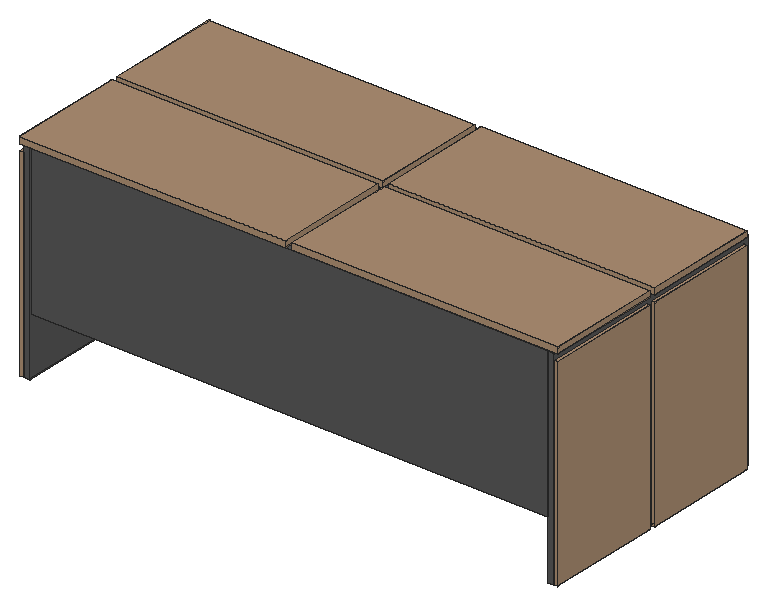
Revit family "Sanitary_Compound-Units_hansgrohe_54305XXX-Xilesa-E-Vanity-unit_1375-550_4-drawers_wash-bowl-countertop-basin", category Furniture, host Face, Revit 2022
Family settings
  Host = Face
  OmniClass Number = 23.21.19.15.33.13
  OmniClass Title = Residential Bathroom Specialty Casework
  Cut with Voids When Loaded = No
  Render Appearance Source = Family Geometry
  Shared = No
  Room Calculation Point = No
Parameters (values of type "550 Cashmere Oak")
  Version = 1  # constant formula
  URL = "https://www.hansgrohe.com/"
  Product data url = "https://www.bimobject.com/en/hansgrohe/product/54305XXX"
  Product Page URL = "https://www.hansgrohe.com/articledetail--54305550"
  Model = "54305XXX"  # constant formula
  Material 3 = Hansgrohe - Metal - Black
  Material 2 = Hansgrohe - MDF - Matt Black
  Material 1 = Hansgrohe - MDF - 550 Cashmere Oak
  Manufacturer = "Hansgrohe"  # constant formula
  Height = 0 mm
  Description = "Xilesa E Vanity unit 1375/550 with 4 drawers for consoles for wash bowl/countertop basin ground"  # constant formula
  Default Elevation = 0 mm
  Date Updated = ""
  Date Created = "2024/02/03"  # constant formula
Types (5, lengths in mm): name | Material 1
  (no name) | Hansgrohe - MDF - 550 Cashmere Oak
  550 Cashmere Oak | Hansgrohe - MDF - 550 Cashmere Oak
  700 Matt White | Hansgrohe - MDF - 700 Matt White
  760 Slate Matt Grey | Hansgrohe - MDF - 760 Slate Matt Grey
  780 Sand Matt Beige | Hansgrohe - MDF - 780 Sand Matt Beige
Reference planes
  plane 1 "Center (Front/Back)": y = 0
  plane 2: z = 0
  plane 3 "Center (Left/Right)": x = 0
  plane 4: x = -687.5
  plane 5: x = 687.5
  plane 6: y = -620
  plane 7: z = 548
Dimensions and locks
  aligned and locked: plane 2 to host face
  aligned and locked: level to host face
Nested families
  nested 1: "54305XXX" at (0, -620, 0) x (1, 0, 0) z (0, 1, 0), Material 1 <- "Material 1", Material 2 <- "Material 2", Material 3 <- "Material 3", type "54305XXX"
    with Material 3 Hansgrohe - Metal - Black, Material 2 Hansgrohe - MDF - Matt Black, Material 1 Hansgrohe - MDF - 550 Cashmere Oak
Definition of nested family "54305XXX"
  Parameters (values of type "54305XXX")
    Version = 1  # constant formula
    URL = "https://www.hansgrohe.com/"
    Product data url = "https://www.bimobject.com/en/hansgrohe/product/54305XXX"
    Product Page URL = "https://www.hansgrohe.com/articledetail--54305550"
    Model = "54305XXX"  # constant formula
    Material 3 [instance] = none
    Material 2 [instance] = none
    Material 1 [instance] = none
    Manufacturer = "Hansgrohe"  # constant formula
    Description = "Xilesa E Vanity unit 1375/550 with 4 drawers for consoles for wash bowl/countertop basin ground"  # constant formula
    Default Elevation = 1219.2 mm
    Date Updated = ""
    Date Created = "2024/12/16"  # constant formula
  Reference planes
    plane 1 "Center (Front/Back)": y = 0
    plane 2: z = 0
    plane 3 "Center (Left/Right)": x = 0
  Forms (mm)
    Extrusion 1, solid, material <- "Material 1", detail levels medium+fine
      sketch origin (0, 0, 0) x (1, 0, 0) y (0, 1, 0)
        loop
          line (-678.1, 0) -> (-686.7, 0)
          arc (-686.7, 0) -> (-687.266, -0.234) -> (-687.5, -0.8) r 0.8
          line (-687.5, -0.8) -> (-687.5, -513.9)
          arc (-687.5, -513.9) -> (-687.266, -514.466) -> (-686.7, -514.7) r 0.8
          line (-686.7, -514.7) -> (-678.1, -514.7)
          arc (-678.1, -514.7) -> (-677.534, -514.466) -> (-677.3, -513.9) r 0.8
          line (-677.3, -513.9) -> (-677.3, -0.8)
          arc (-677.3, -0.8) -> (-677.534, -0.234) -> (-678.1, 0) r 0.8
        loop
          arc (678.1, 0) -> (677.534, -0.234) -> (677.3, -0.8) r 0.8
          line (677.3, -0.8) -> (677.3, -513.9)
          arc (677.3, -513.9) -> (677.534, -514.466) -> (678.1, -514.7) r 0.8
          line (678.1, -514.7) -> (686.7, -514.7)
          arc (686.7, -514.7) -> (687.266, -514.466) -> (687.5, -513.9) r 0.8
          line (687.5, -513.9) -> (687.5, -0.8)
          arc (687.5, -0.8) -> (687.266, -0.234) -> (686.7, 0) r 0.8
          line (686.7, 0) -> (678.1, 0)
      from 0 to 295
    Extrusion 2, solid, material <- "Material 1", detail levels medium+fine
      sketch origin (0, -170, 0) x (1, 0, 0) y (0, 1, 0)
        loop
          line (-686.7, -378) -> (-8.3, -378)
          arc (-8.3, -378) -> (-7.734, -377.766) -> (-7.5, -377.2) r 0.8
          line (-7.5, -377.2) -> (-7.5, -362.5)
          arc (-7.5, -362.5) -> (-7.734, -361.934) -> (-8.3, -361.7) r 0.8
          line (-8.3, -361.7) -> (-686.7, -361.7)
          arc (-686.7, -361.7) -> (-687.266, -361.934) -> (-687.5, -362.5) r 0.8
          line (-687.5, -362.5) -> (-687.5, -377.2)
          arc (-687.5, -377.2) -> (-687.266, -377.766) -> (-686.7, -378) r 0.8
        loop
          arc (686.7, -378) -> (687.266, -377.766) -> (687.5, -377.2) r 0.8
          line (687.5, -377.2) -> (687.5, -362.5)
          arc (687.5, -362.5) -> (687.266, -361.934) -> (686.7, -361.7) r 0.8
          line (686.7, -361.7) -> (8.3, -361.7)
          arc (8.3, -361.7) -> (7.734, -361.934) -> (7.5, -362.5) r 0.8
          line (7.5, -362.5) -> (7.5, -377.2)
          arc (7.5, -377.2) -> (7.734, -377.766) -> (8.3, -378) r 0.8
          line (8.3, -378) -> (686.7, -378)
      from 0 to 295
    Extrusion 3, solid, material <- "Material 2", detail levels medium+fine
      sketch origin (0, 0, 0) x (1, 0, 0) y (0, 1, 0)
        loop
          line (-677.3, -0.8) -> (-677.3, -528.9)
          arc (-677.3, -528.9) -> (-677.066, -529.466) -> (-676.5, -529.7) r 0.8
          line (-676.5, -529.7) -> (-662.1, -529.7)
          arc (-662.1, -529.7) -> (-661.534, -529.466) -> (-661.3, -528.9) r 0.8
          line (-661.3, -528.9) -> (-661.3, -0.8)
          arc (-661.3, -0.8) -> (-661.534, -0.234) -> (-662.1, 0) r 0.8
          line (-662.1, 0) -> (-676.5, 0)
          arc (-676.5, 0) -> (-677.066, -0.234) -> (-677.3, -0.8) r 0.8
        loop
          arc (-17.7, -0.8) -> (-17.934, -0.234) -> (-18.5, 0) r 0.8
          line (-18.5, 0) -> (-32.9, 0)
          arc (-32.9, 0) -> (-33.466, -0.234) -> (-33.7, -0.8) r 0.8
          line (-33.7, -0.8) -> (-33.7, -528.9)
          arc (-33.7, -528.9) -> (-33.466, -529.466) -> (-32.9, -529.7) r 0.8
          line (-32.9, -529.7) -> (-18.5, -529.7)
          arc (-18.5, -529.7) -> (-17.934, -529.466) -> (-17.7, -528.9) r 0.8
          line (-17.7, -528.9) -> (-17.7, -0.8)
        loop
          arc (677.3, -0.8) -> (677.066, -0.234) -> (676.5, 0) r 0.8
          line (676.5, 0) -> (662.1, 0)
          arc (662.1, 0) -> (661.534, -0.234) -> (661.3, -0.8) r 0.8
          line (661.3, -0.8) -> (661.3, -528.9)
          arc (661.3, -528.9) -> (661.534, -529.466) -> (662.1, -529.7) r 0.8
          line (662.1, -529.7) -> (676.5, -529.7)
          arc (676.5, -529.7) -> (677.066, -529.466) -> (677.3, -528.9) r 0.8
          line (677.3, -528.9) -> (677.3, -0.8)
        loop
          line (17.7, -0.8) -> (17.7, -528.9)
          arc (17.7, -528.9) -> (17.934, -529.466) -> (18.5, -529.7) r 0.8
          line (18.5, -529.7) -> (32.9, -529.7)
          arc (32.9, -529.7) -> (33.466, -529.466) -> (33.7, -528.9) r 0.8
          line (33.7, -528.9) -> (33.7, -0.8)
          arc (33.7, -0.8) -> (33.466, -0.234) -> (32.9, 0) r 0.8
          line (32.9, 0) -> (18.5, 0)
          arc (18.5, 0) -> (17.934, -0.234) -> (17.7, -0.8) r 0.8
      from 0 to 620
    Extrusion 4, solid, material <- "Material 2", detail levels fine
      sketch origin (0, -84.5, 0) x (1, 0, 0) y (0, 1, 0)
        loop
          line (-661.3, -65.2) -> (-661.3, -81.2) -> (661.3, -81.2) -> (661.3, -65.2) -> (-661.3, -65.2)
      from 17 to 125
    Extrusion 5, solid, material <- "Material 2", detail levels fine
      sketch origin (0, -80, 0) x (1, 0, 0) y (0, 1, 0)
        loop
          line (-661.3, -69.2) -> (-661.3, -449.7) -> (661.3, -449.7) -> (661.3, -69.2) -> (-661.3, -69.2)
      from 1 to 17
    Extrusion 6, solid, material <- "Material 3", detail levels fine
      sketch origin (0, -170, 0) x (1, 0, 0) y (0, 1, 0)
        loop
          line (-659.8, -356.9) -> (-659.8, -329.2) -> (-661.3, -329.2) -> (-661.3, -356.9)
          arc (-661.3, -356.9) -> (-660.626, -358.527) -> (-659, -359.2) r 2.3
          line (-659, -359.2) -> (-36, -359.2)
          arc (-36, -359.2) -> (-34.374, -358.527) -> (-33.7, -356.9) r 2.3
          line (-33.7, -356.9) -> (-33.7, -329.2) -> (-35.2, -329.2) -> (-35.2, -356.9)
          arc (-35.2, -356.9) -> (-35.434, -357.466) -> (-36, -357.7) r 0.8
          line (-36, -357.7) -> (-659, -357.7)
          arc (-659, -357.7) -> (-659.566, -357.466) -> (-659.8, -356.9) r 0.8
        loop
          arc (659.8, -356.9) -> (659.566, -357.466) -> (659, -357.7) r 0.8
          line (659, -357.7) -> (36, -357.7)
          arc (36, -357.7) -> (35.434, -357.466) -> (35.2, -356.9) r 0.8
          line (35.2, -356.9) -> (35.2, -329.2) -> (33.7, -329.2) -> (33.7, -356.9)
          arc (33.7, -356.9) -> (34.374, -358.527) -> (36, -359.2) r 2.3
          line (36, -359.2) -> (659, -359.2)
          arc (659, -359.2) -> (660.626, -358.527) -> (661.3, -356.9) r 2.3
          line (661.3, -356.9) -> (661.3, -329.2) -> (659.8, -329.2) -> (659.8, -356.9)
      from 567.263 to 617.263
    Extrusion 7, solid, material <- "Material 3", detail levels fine
      sketch origin (-297.5, -79.05, 1) x (1, 0, 0) y (0, 0, 1)
        loop
          line (-342.5, 223.8) -> (-342.5, 113.608) -> (-348.2, 97.947) -> (-348.2, 48) -> (-319.9, 48) -> (-319.9, 223.8) -> (-342.5, 223.8)
        loop
          line (242.5, 223.8) -> (219.9, 223.8) -> (219.9, 48) -> (248.2, 48) -> (248.2, 97.947) -> (242.5, 113.608) -> (242.5, 223.8)
        loop
          line (937.5, 223.8) -> (914.9, 223.8) -> (914.9, 48) -> (943.2, 48) -> (943.2, 97.947) -> (937.5, 113.608) -> (937.5, 223.8)
        loop
          line (352.5, 223.8) -> (352.5, 113.608) -> (346.8, 97.947) -> (346.8, 48) -> (375.1, 48) -> (375.1, 223.8) -> (352.5, 223.8)
      from 91.9 to 109.4
    Extrusion 8, void
      sketch origin (-297.5, -79.05, 1) x (1, 0, 0) y (0, 0, 1)
        loop
          line (-341.75, 222.8) -> (-341.75, 113.431) -> (-347.45, 97.771) -> (-347.45, 49) -> (-320.65, 49) -> (-320.65, 222.8) -> (-341.75, 222.8)
        loop
          line (241.75, 222.8) -> (220.65, 222.8) -> (220.65, 49) -> (247.45, 49) -> (247.45, 97.771) -> (241.75, 113.431) -> (241.75, 222.8)
        loop
          line (936.75, 222.8) -> (915.65, 222.8) -> (915.65, 49) -> (942.45, 49) -> (942.45, 97.771) -> (936.75, 113.431) -> (936.75, 222.8)
        loop
          line (353.25, 222.8) -> (353.25, 113.431) -> (347.55, 97.771) -> (347.55, 49) -> (374.35, 49) -> (374.35, 222.8) -> (353.25, 222.8)
      from 91.9 to 108.7
    Extrusion 9, solid, material <- "Material 2", detail levels fine
      sketch origin (0, -79.05, 0) x (0, 1, 0) y (0, 0, 1)
        loop
          line (-92.7, 35.5) -> (-92.7, 114.5)
          arc (-92.7, 114.5) -> (-92.847, 114.854) -> (-93.2, 115) r 0.5
          line (-93.2, 115) -> (-108.2, 115)
          arc (-108.2, 115) -> (-108.554, 114.854) -> (-108.7, 114.5) r 0.5
          line (-108.7, 114.5) -> (-108.7, 35.5)
          arc (-108.7, 35.5) -> (-108.554, 35.146) -> (-108.2, 35) r 0.5
          line (-108.2, 35) -> (-93.2, 35)
          arc (-93.2, 35) -> (-92.847, 35.146) -> (-92.7, 35.5) r 0.5
      from 77.6 to 617.4
    Extrusion 10, solid, material <- "Material 3", detail levels fine
      sketch origin (-447.5, -80, 1) x (-1, 0, 0) y (0, 0, -1)
        loop
          line (198.3, -213.03) -> (192.95, -213.03) -> (192.95, -224.03) -> (183.3, -224.03) -> (183.3, -231.03) -> (198.3, -231.03) -> (198.3, -213.03)
        loop
          line (-398.5, -213.03) -> (-398.5, -231.03) -> (-383.5, -231.03) -> (-383.5, -224.03) -> (-393.15, -224.03) -> (-393.15, -213.03) -> (-398.5, -213.03)
        loop
          line (-1093.3, -213.03) -> (-1093.3, -231.03) -> (-1078.3, -231.03) -> (-1078.3, -224.03) -> (-1087.95, -224.03) -> (-1087.95, -213.03) -> (-1093.3, -213.03)
        loop
          line (-496.5, -213.03) -> (-501.85, -213.03) -> (-501.85, -224.03) -> (-511.5, -224.03) -> (-511.5, -231.03) -> (-496.5, -231.03) -> (-496.5, -213.03)
      from 88.7 to 361.7
    Extrusion 11, solid, material <- "Material 3", detail levels fine
      sketch origin (-447.5, -80, 1) x (-1, 0, 0) y (0, 0, -1)
        loop
          line (200.05, -211.28) -> (181.55, -211.28) -> (181.55, -232.78) -> (200.05, -232.78) -> (200.05, -211.28)
        loop
          line (-400.25, -211.28) -> (-400.25, -232.78) -> (-381.75, -232.78) -> (-381.75, -211.28) -> (-400.25, -211.28)
        loop
          line (-1095.05, -211.28) -> (-1095.05, -232.78) -> (-1076.55, -232.78) -> (-1076.55, -211.28) -> (-1095.05, -211.28)
        loop
          line (-494.75, -211.28) -> (-513.25, -211.28) -> (-513.25, -232.78) -> (-494.75, -232.78) -> (-494.75, -211.28)
      from 451.7 to 361.7
    Extrusion 12, solid, material <- "Material 1", detail levels coarse
      sketch origin (0, 0, 0) x (1, 0, 0) y (0, 1, 0)
        loop
          line (-687.5, -548) -> (687.5, -548) -> (687.5, 0) -> (661.3, 0) -> (661.3, -531.7) -> (33.7, -531.7) -> (33.7, 0) -> (-33.7, 0) -> (-33.7, -531.7) -> (-661.3, -531.7) -> (-661.3, 0) -> (-687.5, 0) -> (-687.5, -548)
      from 0 to 620
    Extrusion 13, solid, material <- "Material 1", detail levels medium+fine
      sketch origin (0, 0, 0) x (1, 0, 0) y (0, 1, 0)
        loop
          line (-678.1, 0) -> (-686.7, 0)
          arc (-686.7, 0) -> (-687.266, -0.234) -> (-687.5, -0.8) r 0.8
          line (-687.5, -0.8) -> (-687.5, -513.9)
          arc (-687.5, -513.9) -> (-687.266, -514.466) -> (-686.7, -514.7) r 0.8
          line (-686.7, -514.7) -> (-678.1, -514.7)
          arc (-678.1, -514.7) -> (-677.534, -514.466) -> (-677.3, -513.9) r 0.8
          line (-677.3, -513.9) -> (-677.3, -0.8)
          arc (-677.3, -0.8) -> (-677.534, -0.234) -> (-678.1, 0) r 0.8
        loop
          arc (678.1, 0) -> (677.534, -0.234) -> (677.3, -0.8) r 0.8
          line (677.3, -0.8) -> (677.3, -513.9)
          arc (677.3, -513.9) -> (677.534, -514.466) -> (678.1, -514.7) r 0.8
          line (678.1, -514.7) -> (686.7, -514.7)
          arc (686.7, -514.7) -> (687.266, -514.466) -> (687.5, -513.9) r 0.8
          line (687.5, -513.9) -> (687.5, -0.8)
          arc (687.5, -0.8) -> (687.266, -0.234) -> (686.7, 0) r 0.8
          line (686.7, 0) -> (678.1, 0)
      from 310 to 605
    Extrusion 14, solid, material <- "Material 1", detail levels medium+fine
      sketch origin (0, -90, 0) x (1, 0, 0) y (0, 1, 0)
        loop
          line (-686.7, -458) -> (-8.3, -458)
          arc (-8.3, -458) -> (-7.734, -457.766) -> (-7.5, -457.2) r 0.8
          line (-7.5, -457.2) -> (-7.5, -442.5)
          arc (-7.5, -442.5) -> (-7.734, -441.934) -> (-8.3, -441.7) r 0.8
          line (-8.3, -441.7) -> (-686.7, -441.7)
          arc (-686.7, -441.7) -> (-687.266, -441.934) -> (-687.5, -442.5) r 0.8
          line (-687.5, -442.5) -> (-687.5, -457.2)
          arc (-687.5, -457.2) -> (-687.266, -457.766) -> (-686.7, -458) r 0.8
        loop
          arc (686.7, -458) -> (687.266, -457.766) -> (687.5, -457.2) r 0.8
          line (687.5, -457.2) -> (687.5, -442.5)
          arc (687.5, -442.5) -> (687.266, -441.934) -> (686.7, -441.7) r 0.8
          line (686.7, -441.7) -> (8.3, -441.7)
          arc (8.3, -441.7) -> (7.734, -441.934) -> (7.5, -442.5) r 0.8
          line (7.5, -442.5) -> (7.5, -457.2)
          arc (7.5, -457.2) -> (7.734, -457.766) -> (8.3, -458) r 0.8
          line (8.3, -458) -> (686.7, -458)
      from 310 to 605
    Extrusion 15, solid, material <- "Material 2", detail levels fine
      sketch origin (0, -80, 311) x (1, 0, 0) y (0, 0, 1)
        loop
          line (620.007, 48.98) -> (74.603, 48.98) -> (74.603, 33.98) -> (620.007, 33.98) -> (620.007, 48.98)
        loop
          line (-620.007, 48.98) -> (-620.007, 33.98) -> (-74.603, 33.98) -> (-74.603, 48.98) -> (-620.007, 48.98)
      from 108.45 to 451.7
    Extrusion 16, solid, material <- "Material 3", detail levels fine
      sketch origin (-297.5, -79.05, 311) x (1, 0, 0) y (0, 0, 1)
        loop
          line (-342.5, 223.8) -> (-342.5, 113.608) -> (-348.2, 97.947) -> (-348.2, 48) -> (-319.9, 48) -> (-319.9, 223.8) -> (-342.5, 223.8)
        loop
          line (242.5, 223.8) -> (219.9, 223.8) -> (219.9, 48) -> (248.2, 48) -> (248.2, 97.947) -> (242.5, 113.608) -> (242.5, 223.8)
        loop
          line (937.5, 223.8) -> (914.9, 223.8) -> (914.9, 48) -> (943.2, 48) -> (943.2, 97.947) -> (937.5, 113.608) -> (937.5, 223.8)
        loop
          line (352.5, 223.8) -> (352.5, 113.608) -> (346.8, 97.947) -> (346.8, 48) -> (375.1, 48) -> (375.1, 223.8) -> (352.5, 223.8)
      from 91.9 to 109.4
    Extrusion 17, void
      sketch origin (-297.5, -79.05, 311) x (1, 0, 0) y (0, 0, 1)
        loop
          line (-341.5, 222.8) -> (-341.5, 113.431) -> (-347.2, 97.771) -> (-347.2, 49) -> (-320.9, 49) -> (-320.9, 222.8) -> (-341.5, 222.8)
        loop
          line (241.25, 222.8) -> (220.65, 222.8) -> (220.65, 49) -> (246.95, 49) -> (246.95, 97.771) -> (241.25, 113.431) -> (241.25, 222.8)
        loop
          line (936.5, 222.8) -> (915.9, 222.8) -> (915.9, 49) -> (942.2, 49) -> (942.2, 97.771) -> (936.5, 113.431) -> (936.5, 222.8)
        loop
          line (353.75, 222.8) -> (353.75, 113.431) -> (348.05, 97.771) -> (348.05, 49) -> (374.35, 49) -> (374.35, 222.8) -> (353.75, 222.8)
      from 91.9 to 108.7
    Extrusion 18, solid, material <- "Material 3", detail levels fine
      sketch origin (-447.5, 0, 311) x (-1, 0, 0) y (0, 0, -1)
        loop
          line (198.3, -213.03) -> (192.95, -213.03) -> (192.95, -224.03) -> (183.3, -224.03) -> (183.3, -231.03) -> (198.3, -231.03) -> (198.3, -213.03)
        loop
          line (-398.3, -213.03) -> (-398.3, -231.03) -> (-383.3, -231.03) -> (-383.3, -224.03) -> (-392.95, -224.03) -> (-392.95, -213.03) -> (-398.3, -213.03)
        loop
          line (-1093.3, -213.03) -> (-1093.3, -231.03) -> (-1078.3, -231.03) -> (-1078.3, -224.03) -> (-1087.95, -224.03) -> (-1087.95, -213.03) -> (-1093.3, -213.03)
        loop
          line (-496.7, -213.03) -> (-502.05, -213.03) -> (-502.05, -224.03) -> (-511.7, -224.03) -> (-511.7, -231.03) -> (-496.7, -231.03) -> (-496.7, -213.03)
      from 168.7 to 441.7
    Extrusion 19, solid, material <- "Material 3", detail levels fine
      sketch origin (-447.5, -80, 311) x (-1, 0, 0) y (0, 0, -1)
        loop
          line (200.05, -211.28) -> (181.55, -211.28) -> (181.55, -232.78) -> (200.05, -232.78) -> (200.05, -211.28)
        loop
          line (-400.05, -211.28) -> (-400.05, -232.78) -> (-381.55, -232.78) -> (-381.55, -211.28) -> (-400.05, -211.28)
        loop
          line (-1095.05, -211.28) -> (-1095.05, -232.78) -> (-1076.55, -232.78) -> (-1076.55, -211.28) -> (-1095.05, -211.28)
        loop
          line (-494.95, -211.28) -> (-513.45, -211.28) -> (-513.45, -232.78) -> (-494.95, -232.78) -> (-494.95, -211.28)
      from 451.7 to 361.7
    Extrusion 20, solid, material <- "Material 3", detail levels fine
      sketch origin (0, -170, 0) x (1, 0, 0) y (0, 1, 0)
        loop
          line (-659.8, -356.9) -> (-659.8, -329.2) -> (-661.3, -329.2) -> (-661.3, -356.9)
          arc (-661.3, -356.9) -> (-660.626, -358.527) -> (-659, -359.2) r 2.3
          line (-659, -359.2) -> (-36, -359.2)
          arc (-36, -359.2) -> (-34.374, -358.527) -> (-33.7, -356.9) r 2.3
          line (-33.7, -356.9) -> (-33.7, -329.2) -> (-35.2, -329.2) -> (-35.2, -356.9)
          arc (-35.2, -356.9) -> (-35.434, -357.466) -> (-36, -357.7) r 0.8
          line (-36, -357.7) -> (-659, -357.7)
          arc (-659, -357.7) -> (-659.566, -357.466) -> (-659.8, -356.9) r 0.8
        loop
          arc (659.8, -356.9) -> (659.566, -357.466) -> (659, -357.7) r 0.8
          line (659, -357.7) -> (36, -357.7)
          arc (36, -357.7) -> (35.434, -357.466) -> (35.2, -356.9) r 0.8
          line (35.2, -356.9) -> (35.2, -329.2) -> (33.7, -329.2) -> (33.7, -356.9)
          arc (33.7, -356.9) -> (34.374, -358.527) -> (36, -359.2) r 2.3
          line (36, -359.2) -> (659, -359.2)
          arc (659, -359.2) -> (660.626, -358.527) -> (661.3, -356.9) r 2.3
          line (661.3, -356.9) -> (661.3, -329.2) -> (659.8, -329.2) -> (659.8, -356.9)
      from 277 to 327
    Extrusion 21, solid, material <- "Material 2", detail levels fine
      sketch origin (0, -80, 1) x (1, 0, 0) y (0, 0, 1)
        loop
          line (-620.007, 34) -> (-74.603, 34) -> (-74.603, 49) -> (-620.007, 49) -> (-620.007, 34)
        loop
          line (620.007, 34) -> (620.007, 49) -> (74.603, 49) -> (74.603, 34) -> (620.007, 34)
      from 108.45 to 451.7
    Extrusion 22, solid, material <- "Material 2", detail levels fine
      sketch origin (0, -79.05, 310) x (0, 1, 0) y (0, 0, 1)
        loop
          line (-92.7, 35.48) -> (-92.7, 114.5)
          arc (-92.7, 114.5) -> (-92.847, 114.854) -> (-93.2, 115) r 0.5
          line (-93.2, 115) -> (-108.2, 115)
          arc (-108.2, 115) -> (-108.554, 114.854) -> (-108.7, 114.5) r 0.5
          line (-108.7, 114.5) -> (-108.7, 35.48)
          arc (-108.7, 35.48) -> (-108.554, 35.127) -> (-108.2, 34.98) r 0.5
          line (-108.2, 34.98) -> (-93.2, 34.98)
          arc (-93.2, 34.98) -> (-92.847, 35.127) -> (-92.7, 35.48) r 0.5
      from -617.4 to -77.6
    Extrusion 23, void
      sketch origin (0, 0, 0) x (0, 1, 0) y (0, 0, 1)
        loop
          arc (-135.7, 217) -> (-156.913, 208.213) -> (-165.7, 187) r 30
          line (-165.7, 187) -> (-165.7, 17) -> (-560.7, 17) -> (-560.7, -36.132) -> (59.858, -36.132) -> (59.858, 217) -> (-135.7, 217)
      from -93.827 to 64.7
    Extrusion 24, solid, material <- "Material 2", detail levels medium+fine
      sketch origin (0, 0, 0) x (1, 0, 0) y (0, 1, 0)
        loop
          line (-17.7, -85) -> (17.7, -85) -> (17.7, 0) -> (-17.7, 0) -> (-17.7, -85)
        loop
          line (-17.7, -528.7) -> (17.7, -528.7) -> (17.7, -443.7) -> (-17.7, -443.7) -> (-17.7, -528.7)
      from 17 to 620
    Extrusion 25, solid, material <- "Material 2", detail levels fine
      sketch origin (0, -79.05, 310) x (0, 1, 0) y (0, 0, -1)
        loop
          arc (-92.7, -35.48) -> (-92.847, -35.127) -> (-93.2, -34.98) r 0.5
          line (-93.2, -34.98) -> (-108.2, -34.98)
          arc (-108.2, -34.98) -> (-108.554, -35.127) -> (-108.7, -35.48) r 0.5
          line (-108.7, -35.48) -> (-108.7, -114.5)
          arc (-108.7, -114.5) -> (-108.554, -114.854) -> (-108.2, -115) r 0.5
          line (-108.2, -115) -> (-93.2, -115)
          arc (-93.2, -115) -> (-92.847, -114.854) -> (-92.7, -114.5) r 0.5
          line (-92.7, -114.5) -> (-92.7, -35.48)
      from -617.4 to -77.6
    Extrusion 26, solid, material <- "Material 2", detail levels fine
      sketch origin (0, -79.05, 0.028) x (0, 1, 0) y (0, 0, 1)
        loop
          line (-92.7, 35.472) -> (-92.7, 114.5)
          arc (-92.7, 114.5) -> (-92.847, 114.854) -> (-93.2, 115) r 0.5
          line (-93.2, 115) -> (-108.2, 115)
          arc (-108.2, 115) -> (-108.554, 114.854) -> (-108.7, 114.5) r 0.5
          line (-108.7, 114.5) -> (-108.7, 35.472)
          arc (-108.7, 35.472) -> (-108.554, 35.118) -> (-108.2, 34.972) r 0.5
          line (-108.2, 34.972) -> (-93.2, 34.972)
          arc (-93.2, 34.972) -> (-92.847, 35.118) -> (-92.7, 35.472) r 0.5
      from -617.4 to -77.6
    Extrusion 27, solid, material <- "Material 3", detail levels fine
      sketch origin (0, -80, 311) x (1, 0, 0) y (0, 0, 1)
        loop
          line (45.41, 33.98) -> (74.603, 33.98) -> (74.603, 48.98)
          arc (74.603, 48.98) -> (71.23, 50.325) -> (69.71, 53.623) r 4.9
          line (69.71, 53.623) -> (67.281, 99.98) -> (64.715, 100.114) -> (63.91, 115.48) -> (45.41, 115.48) -> (45.41, 33.98)
        loop
          line (649.2, 33.98) -> (649.2, 115.48) -> (630.7, 115.48) -> (629.895, 100.114) -> (627.329, 99.98) -> (624.9, 53.623)
          arc (624.9, 53.623) -> (623.38, 50.325) -> (620.007, 48.98) r 4.9
          line (620.007, 48.98) -> (620.007, 33.98) -> (649.2, 33.98)
        loop
          line (-45.41, 33.98) -> (-45.41, 115.48) -> (-63.91, 115.48) -> (-64.715, 100.114) -> (-67.281, 99.98) -> (-69.71, 53.623)
          arc (-69.71, 53.623) -> (-71.23, 50.325) -> (-74.603, 48.98) r 4.9
          line (-74.603, 48.98) -> (-74.603, 33.98) -> (-45.41, 33.98)
        loop
          line (-649.2, 33.98) -> (-620.007, 33.98) -> (-620.007, 48.98)
          arc (-620.007, 48.98) -> (-623.38, 50.325) -> (-624.9, 53.623) r 4.9
          line (-624.9, 53.623) -> (-627.329, 99.98) -> (-629.895, 100.114) -> (-630.7, 115.48) -> (-649.2, 115.48) -> (-649.2, 33.98)
      from 108.45 to 451.7
    Extrusion 28, solid, material <- "Material 3", detail levels fine
      sketch origin (0, -80, 1) x (1, 0, 0) y (0, 0, 1)
        loop
          line (-45.41, 34) -> (-45.41, 115.5) -> (-63.91, 115.5) -> (-64.715, 100.134) -> (-67.281, 100) -> (-69.71, 53.644)
          arc (-69.71, 53.644) -> (-71.23, 50.346) -> (-74.603, 49) r 4.9
          line (-74.603, 49) -> (-74.603, 34) -> (-45.41, 34)
        loop
          line (-649.2, 34) -> (-620.007, 34) -> (-620.007, 49)
          arc (-620.007, 49) -> (-623.38, 50.346) -> (-624.9, 53.644) r 4.9
          line (-624.9, 53.644) -> (-627.329, 100) -> (-629.895, 100.134) -> (-630.7, 115.5) -> (-649.2, 115.5) -> (-649.2, 34)
        loop
          line (45.41, 34) -> (74.603, 34) -> (74.603, 49)
          arc (74.603, 49) -> (71.23, 50.346) -> (69.71, 53.644) r 4.9
          line (69.71, 53.644) -> (67.281, 100) -> (64.715, 100.134) -> (63.91, 115.5) -> (45.41, 115.5) -> (45.41, 34)
        loop
          line (649.2, 34) -> (649.2, 115.5) -> (630.7, 115.5) -> (629.895, 100.134) -> (627.329, 100) -> (624.9, 53.644)
          arc (624.9, 53.644) -> (623.38, 50.346) -> (620.007, 49) r 4.9
          line (620.007, 49) -> (620.007, 34) -> (649.2, 34)
      from 108.45 to 451.7
  Cuts and joins
    Extrusion 8 cuts Extrusion 7
    Extrusion 17 cuts Extrusion 16
    Extrusion 23 cuts Extrusion 3
    Extrusion 23 cuts Extrusion 24
  Lines and regions (mm)
    Masking region 1
      outline origin (-297.5, 0, 0) x (1, 0, 0) y (0, 1, 0)
        loop
          line (-390, -0.8) -> (-390, -513.9)
          arc (-390, -513.9) -> (-389.766, -514.466) -> (-389.2, -514.7) r 0.8
          line (-389.2, -514.7) -> (-380.6, -514.7)
          arc (-380.6, -514.7) -> (-380.034, -514.466) -> (-379.8, -513.9) r 0.8
          line (-379.8, -513.9) -> (-379.8, -531.7) -> (-389.2, -531.7)
          arc (-389.2, -531.7) -> (-389.766, -531.934) -> (-390, -532.5) r 0.8
          line (-390, -532.5) -> (-390, -547.2)
          arc (-390, -547.2) -> (-389.766, -547.766) -> (-389.2, -548) r 0.8
          line (-389.2, -548) -> (289, -548)
          arc (289, -548) -> (289.707, -547.707) -> (290, -547) r 1
          line (290, -547) -> (290, -531.7) -> (305, -531.7) -> (305, -547)
          arc (305, -547) -> (305.293, -547.707) -> (306, -548) r 1
          line (306, -548) -> (984.2, -548)
          arc (984.2, -548) -> (984.766, -547.766) -> (985, -547.2) r 0.8
          line (985, -547.2) -> (985, -532.5)
          arc (985, -532.5) -> (984.766, -531.934) -> (984.2, -531.7) r 0.8
          line (984.2, -531.7) -> (974.8, -531.7) -> (974.8, -513.9)
          arc (974.8, -513.9) -> (975.034, -514.466) -> (975.6, -514.7) r 0.8
          line (975.6, -514.7) -> (984.2, -514.7)
          arc (984.2, -514.7) -> (984.766, -514.466) -> (985, -513.9) r 0.8
          line (985, -513.9) -> (985, -0.8)
          arc (985, -0.8) -> (984.766, -0.234) -> (984.2, 0) r 0.8
          line (984.2, 0) -> (975.6, 0)
          arc (975.6, 0) -> (975.034, -0.234) -> (974.8, -0.8) r 0.8
          arc (974.8, -0.8) -> (974.566, -0.234) -> (974, 0) r 0.8
          line (974, 0) -> (959.6, 0)
          arc (959.6, 0) -> (959.034, -0.234) -> (958.8, -0.8) r 0.8
          line (958.8, -0.8) -> (958.8, -149.2) -> (331.2, -149.2) -> (331.2, -1)
          arc (331.2, -1) -> (330.907, -0.293) -> (330.2, 0) r 1
          line (330.2, 0) -> (264.8, 0)
          arc (264.8, 0) -> (264.093, -0.293) -> (263.8, -1) r 1
          line (263.8, -1) -> (263.8, -149.2) -> (-363.8, -149.2) -> (-363.8, -0.8)
          arc (-363.8, -0.8) -> (-364.034, -0.234) -> (-364.6, 0) r 0.8
          line (-364.6, 0) -> (-379, 0)
          arc (-379, 0) -> (-379.566, -0.234) -> (-379.8, -0.8) r 0.8
          arc (-379.8, -0.8) -> (-380.034, -0.234) -> (-380.6, 0) r 0.8
          line (-380.6, 0) -> (-389.2, 0)
          arc (-389.2, 0) -> (-389.766, -0.234) -> (-390, -0.8) r 0.8
    Masking region 2
      outline origin (0, 0, 0) x (0, 1, 0) y (0, 0, 1)
        loop
          line (-529.7, 620) -> (-529.7, 543.78) -> (-531.7, 543.78) -> (-531.7, 605) -> (-548, 605) -> (-548, 310) -> (-531.7, 310) -> (-531.7, 344.98) -> (-529.7, 344.98) -> (-529.7, 233.78) -> (-531.7, 233.78) -> (-531.7, 295) -> (-548, 295) -> (-548, 0) -> (-531.7, 0) -> (-531.7, 34.98) -> (-529.7, 34.98) -> (-529.7, 0) -> (0, 0) -> (0, 620) -> (-529.7, 620)
    Masking region 3
      outline origin (-297.5, 0, 0) x (1, 0, 0) y (0, 0, 1)
        loop
          line (-390, 605) -> (-390, 310) -> (-379.8, 310) -> (-379.8, 295) -> (-390, 295) -> (-390, 0) -> (985, 0) -> (985, 295) -> (974.8, 295) -> (974.8, 310) -> (985, 310) -> (985, 605) -> (974.8, 605) -> (974.8, 620) -> (-379.8, 620) -> (-379.8, 605) -> (-390, 605)
    symbolic lines, detail levels medium+fine
      curve 1: line (-677.3, -531.7, 0) -> (-297.5, -531.7, 0)
      curve 2: line (-661.3, -144.7, 0) -> (-661.3, -531.7, 0)
      curve 3: line (-677.3, -0.8, 0) -> (-677.3, -513.9, 0)
      curve 4: line (-661.3, -161.2, 0) -> (-297.5, -161.2, 0)
      curve 25: line (297.5, -531.7, 0) -> (-297.5, -531.7, 0)
      curve 26: line (-33.7, -144.7, 0) -> (-33.7, -531.7, 0)
      curve 27: line (-17.7, 0, 0) -> (-17.7, -531.7, 0)
      curve 28: line (-33.7, -161.2, 0) -> (-297.5, -161.2, 0)
      curve 49: line (0, -531.7, 33.98) -> (0, -531.7, 233.78)
      curve 50: line (0, -529.7, 543.78) -> (0, -529.7, 344.98)
      curve 53: line (0, -531.7, 212.28) -> (0, -529.7, 212.28)
      curve 54: line (0, -531.7, 116.48) -> (0, -529.7, 116.48)
      curve 55: line (-677.3, 0, 605) -> (-8.5, 0, 605)
      curve 56: line (-661.3, 0, 620) -> (-661.3, 0, 605)
      curve 57: line (-33.7, 0, 620) -> (-33.7, 0, 605)
      curve 62: line (0, -531.7, 344.98) -> (0, -531.7, 543.78)
      curve 63: line (0, -529.7, 233.78) -> (0, -529.7, 33.98)
      curve 65: line (-677.3, 0, 310) -> (-8.5, 0, 310)
      curve 66: line (677.3, 0, 295) -> (8.5, 0, 295)
      curve 70: line (677.3, -531.7, 0) -> (297.5, -531.7, 0)
      curve 71: line (661.3, -144.7, 0) -> (661.3, -531.7, 0)
      curve 72: line (677.3, -0.8, 0) -> (677.3, -513.9, 0)
      curve 73: line (661.3, -161.2, 0) -> (297.5, -161.2, 0)
      curve 94: line (33.7, -144.7, 0) -> (33.7, -531.7, 0)
      curve 95: line (17.7, 0, 0) -> (17.7, -531.7, 0)
      curve 96: line (33.7, -161.2, 0) -> (297.5, -161.2, 0)
      curve 120: line (-17.7, -85, 0) -> (17.7, -85, 0)
      curve 121: line (-17.7, -443.7, 0) -> (17.7, -443.7, 0)
      curve 122: line (-7.5, 0, 311) -> (-7.5, 0, 604)
      curve 123: line (7.5, 0, 604) -> (7.5, 0, 311)
      curve 124: line (8.5, 0, 605) -> (677.618, 0, 605)
      curve 125: arc (-8.5, 0, 605) -> (-7.793, 0, 604.707) -> (-7.5, 0, 604) r 1
      curve 126: arc (8.5, 0, 605) -> (7.793, 0, 604.707) -> (7.5, 0, 604) r 1
      curve 129: line (8.5, 0, 310) -> (677.3, 0, 310)
      curve 130: arc (-7.5, 0, 311) -> (-7.793, 0, 310.293) -> (-8.5, 0, 310) r 1
      curve 131: arc (7.5, 0, 311) -> (7.793, 0, 310.293) -> (8.5, 0, 310) r 1
      curve 134: line (-7.5, 0, 0) -> (-7.5, 0, 294)
      curve 135: line (7.5, 0, 294) -> (7.5, 0, 0)
      curve 136: line (-8.5, 0, 295) -> (-677.3, 0, 295)
      curve 137: arc (-8.5, 0, 295) -> (-7.793, 0, 294.707) -> (-7.5, 0, 294) r 1
      curve 138: arc (8.5, 0, 295) -> (7.793, 0, 294.707) -> (7.5, 0, 294) r 1
      curve 143: line (661.3, 0, 620) -> (661.3, 0, 605)
      curve 144: line (33.7, 0, 620) -> (33.7, 0, 605)
    symbolic lines, detail levels fine
      curve 5: line (-649.591, -161.2, 0) -> (-649.591, -509.2, 0)
      curve 6: line (-627.72, -161.2, 0) -> (-627.72, -171.9, 0)
      curve 7: line (-297.5, -171.9, 0) -> (-630.8, -171.9, 0)
      curve 8: line (-630.8, -189.4, 0) -> (-297.5, -189.4, 0)
      curve 9: line (-645.8, -168.7, 0) -> (-645.8, -441.7, 0)
      curve 10: line (-630.8, -168.7, 0) -> (-645.8, -168.7, 0)
      curve 11: line (-647.55, -441.7, 0) -> (-647.55, -509.2, 0)
      curve 12: line (-647.55, -441.7, 0) -> (-629.05, -441.7, 0)
      curve 13: line (-629.05, -441.7, 0) -> (-629.05, -509.2, 0)
      curve 14: line (-297.5, -527.7, 0) -> (-659, -527.7, 0)
      curve 15: arc (-659, -527.7, 0) -> (-659.566, -527.466, 0) -> (-659.8, -526.9, 0) r 0.8
      curve 16: line (-659.8, -526.9, 0) -> (-659.8, -499.2, 0)
      curve 17: line (-659.8, -499.2, 0) -> (-661.3, -499.2, 0)
      curve 18: arc (-661.3, -526.9, 0) -> (-660.626, -528.526, 0) -> (-659, -529.2, 0) r 2.3
      curve 19: line (-659, -529.2, 0) -> (-297.5, -529.2, 0)
      curve 20: line (-649.591, -529.2, 0) -> (-649.591, -531.7, 0)
      curve 21: line (-647.55, -529.2, 0) -> (-647.55, -531.7, 0)
      curve 22: line (-630.8, -441.7, 0) -> (-630.8, -168.7, 0)
      curve 23: line (-629.05, -529.2, 0) -> (-629.05, -531.7, 0)
      curve 24: line (-627.72, -529.2, 0) -> (-627.72, -531.7, 0)
      curve 29: line (-45.409, -161.2, 0) -> (-45.409, -509.2, 0)
      curve 30: line (-67.28, -161.2, 0) -> (-67.28, -171.9, 0)
      curve 31: line (-297.5, -171.9, 0) -> (-64.2, -171.9, 0)
      curve 32: line (-64.2, -189.4, 0) -> (-297.5, -189.4, 0)
      curve 33: line (-49.2, -168.7, 0) -> (-49.2, -441.7, 0)
      curve 34: line (-64.2, -168.7, 0) -> (-49.2, -168.7, 0)
      curve 35: line (-47.45, -441.7, 0) -> (-47.45, -509.2, 0)
      curve 36: line (-47.45, -441.7, 0) -> (-65.95, -441.7, 0)
      curve 37: line (-65.95, -441.7, 0) -> (-65.95, -509.2, 0)
      curve 38: line (-297.5, -527.7, 0) -> (-36, -527.7, 0)
      curve 39: arc (-36, -527.7, 0) -> (-35.434, -527.466, 0) -> (-35.2, -526.9, 0) r 0.8
      curve 40: line (-35.2, -526.9, 0) -> (-35.2, -499.2, 0)
      curve 41: line (-35.2, -499.2, 0) -> (-33.7, -499.2, 0)
      curve 42: arc (-33.7, -526.9, 0) -> (-34.374, -528.526, 0) -> (-36, -529.2, 0) r 2.3
      curve 43: line (-36, -529.2, 0) -> (-297.5, -529.2, 0)
      curve 44: line (-45.409, -529.2, 0) -> (-45.409, -531.7, 0)
      curve 45: line (-47.45, -529.2, 0) -> (-47.45, -531.7, 0)
      curve 46: line (-64.2, -441.7, 0) -> (-64.2, -168.7, 0)
      curve 47: line (-65.95, -529.2, 0) -> (-65.95, -531.7, 0)
      curve 48: line (-67.28, -529.2, 0) -> (-67.28, -531.7, 0)
      curve 51: line (0, 0, 605) -> (0, -514.7, 605)
      curve 52: line (0, -514.7, 605) -> (0, -514.7, 310)
      curve 58: line (0, -514.7, 310) -> (0, 0, 310)
      curve 59: line (0, 0, 295) -> (0, -514.7, 295)
      curve 60: line (0, -514.7, 295) -> (0, -514.7, 0)
      curve 61: line (0, -531.7, 522.28) -> (0, -529.7, 522.28)
      curve 64: line (0, -529.7, 426.5) -> (0, -531.7, 426.5)
      curve 67: line (-67.28, -189.4, 0) -> (-67.28, -509.2, 0)
      curve 68: line (-627.72, -189.4, 0) -> (-627.72, -509.2, 0)
      curve 69: line (-35.2, -509.2, 0) -> (-659.8, -509.2, 0)
      curve 74: line (649.591, -161.2, 0) -> (649.591, -509.2, 0)
      curve 75: line (627.72, -161.2, 0) -> (627.72, -171.9, 0)
      curve 76: line (297.5, -171.9, 0) -> (630.8, -171.9, 0)
      curve 77: line (630.8, -189.4, 0) -> (297.5, -189.4, 0)
      curve 78: line (645.8, -168.7, 0) -> (645.8, -441.7, 0)
      curve 79: line (630.8, -168.7, 0) -> (645.8, -168.7, 0)
      curve 80: line (647.55, -441.7, 0) -> (647.55, -509.2, 0)
      curve 81: line (647.55, -441.7, 0) -> (629.05, -441.7, 0)
      curve 82: line (629.05, -441.7, 0) -> (629.05, -509.2, 0)
      curve 83: line (297.5, -527.7, 0) -> (659, -527.7, 0)
      curve 84: arc (659, -527.7, 0) -> (659.566, -527.466, 0) -> (659.8, -526.9, 0) r 0.8
      curve 85: line (659.8, -526.9, 0) -> (659.8, -499.2, 0)
      curve 86: line (659.8, -499.2, 0) -> (661.3, -499.2, 0)
      curve 87: arc (661.3, -526.9, 0) -> (660.626, -528.526, 0) -> (659, -529.2, 0) r 2.3
      curve 88: line (659, -529.2, 0) -> (297.5, -529.2, 0)
      curve 89: line (649.591, -529.2, 0) -> (649.591, -531.7, 0)
      curve 90: line (647.55, -529.2, 0) -> (647.55, -531.7, 0)
      curve 91: line (630.8, -441.7, 0) -> (630.8, -168.7, 0)
      curve 92: line (629.05, -529.2, 0) -> (629.05, -531.7, 0)
      curve 93: line (627.72, -529.2, 0) -> (627.72, -531.7, 0)
      curve 97: line (45.409, -161.2, 0) -> (45.409, -509.2, 0)
      curve 98: line (67.28, -161.2, 0) -> (67.28, -171.9, 0)
      curve 99: line (297.5, -171.9, 0) -> (64.2, -171.9, 0)
      curve 100: line (64.2, -189.4, 0) -> (297.5, -189.4, 0)
      curve 101: line (49.2, -168.7, 0) -> (49.2, -441.7, 0)
      curve 102: line (64.2, -168.7, 0) -> (49.2, -168.7, 0)
      curve 103: line (47.45, -441.7, 0) -> (47.45, -509.2, 0)
      curve 104: line (47.45, -441.7, 0) -> (65.95, -441.7, 0)
      curve 105: line (65.95, -441.7, 0) -> (65.95, -509.2, 0)
      curve 106: line (297.5, -527.7, 0) -> (36, -527.7, 0)
      curve 107: arc (36, -527.7, 0) -> (35.434, -527.466, 0) -> (35.2, -526.9, 0) r 0.8
      curve 108: line (35.2, -526.9, 0) -> (35.2, -499.2, 0)
      curve 109: line (35.2, -499.2, 0) -> (33.7, -499.2, 0)
      curve 110: arc (33.7, -526.9, 0) -> (34.374, -528.526, 0) -> (36, -529.2, 0) r 2.3
      curve 111: line (36, -529.2, 0) -> (297.5, -529.2, 0)
      curve 112: line (45.409, -529.2, 0) -> (45.409, -531.7, 0)
      curve 113: line (47.45, -529.2, 0) -> (47.45, -531.7, 0)
      curve 114: line (64.2, -441.7, 0) -> (64.2, -168.7, 0)
      curve 115: line (65.95, -529.2, 0) -> (65.95, -531.7, 0)
      curve 116: line (67.28, -529.2, 0) -> (67.28, -531.7, 0)
      curve 117: line (67.28, -189.4, 0) -> (67.28, -509.2, 0)
      curve 118: line (627.72, -189.4, 0) -> (627.72, -509.2, 0)
      curve 119: line (35.2, -509.2, 0) -> (659.8, -509.2, 0)
      curve 127: line (-17.7, 0, 605) -> (-17.7, 0, 620)
      curve 128: line (17.7, 0, 605) -> (17.7, 0, 620)
      curve 132: line (-17.7, 0, 310) -> (-17.7, 0, 295)
      curve 133: line (-35.2, 0, 310) -> (-35.2, 0, 295)
      curve 139: line (17.7, 0, 310) -> (17.7, 0, 295)
      curve 140: line (35.2, 0, 310) -> (35.2, 0, 295)
      curve 141: line (-7.5, 0, 17) -> (7.5, 0, 17)
      curve 142: line (-7.5, 0, 1) -> (7.5, 0, 1)
      curve 145: line (-661.3, 0, 310) -> (-661.3, 0, 295)
      curve 146: line (661.3, 0, 310) -> (661.3, 0, 295)
  Dimensions and locks
    aligned and locked: level to plane 2
